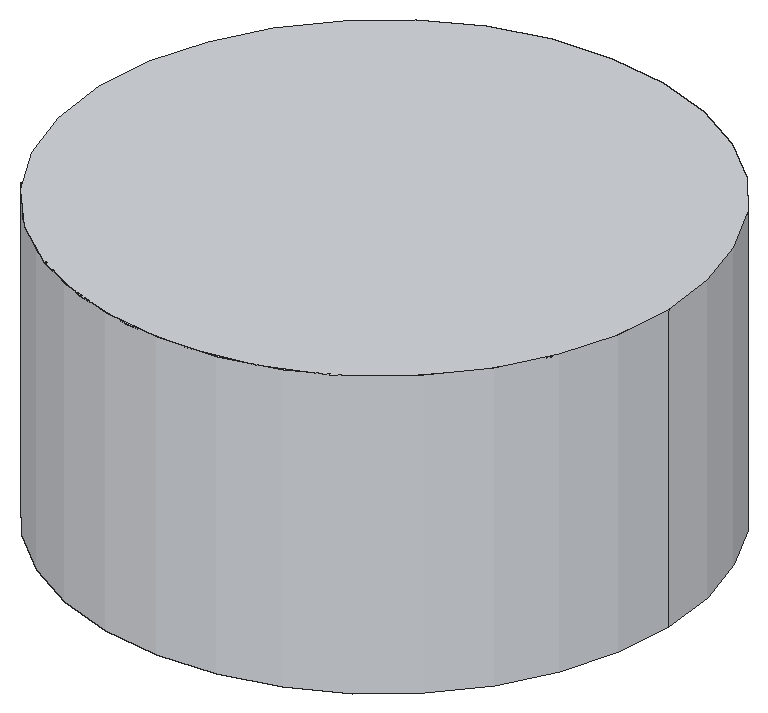
Revit family "10300800", category Specialty Equipment, Revit 2021
Family settings
  Round Connector Dimension = Use Diameter
  Part Type = Normal
  OmniClass Number = 23.40.40.14
  OmniClass Title = Food Service Equipment
  Work Plane-Based = No
  Always vertical = Yes
  Cut with Voids When Loaded = No
  Shared = No
  Room Calculation Point = No
Parameters (values of type "Standard")
  Width = 650 mm
  URL = "https://www.rustfriebergh.no/produkter/serveringsdisker/serveringsdisk-rbp/"
  Model = "10300800"
  Mass = 138 mm
  Manufacturer = "RUSTFRIE BERGH AS"
  Length = 802 mm
  Height = 1550 mm
  Description = "Serveringsdisk RBP-800"
  Default Elevation = 0 mm
Reference planes
  plane 1 "Center (Front/Back)": y = 0
  plane 2: z = 0
  plane 3 "Center (Left/Right)": x = 0
Forms (mm)
  Extrusion 1, solid
    sketch origin (145.461, 224, 191) x (1, 0, 0) y (0, 1, 0)
      loop
        circle (0, 0) r 3.048
    from 0 to -3.048
Dimensions and locks
  aligned and locked: level to plane 2
Connectors
  electrical at (145.461, 224, 191)
    settings: on Extrusion 1, index 1, voltage 230 V, apparent load 750 VA, apparent load phase1 0 VA, apparent load phase2 0 VA, apparent load phase3 0 VA, power factor 0, load classification "Other", number of poles 1, system type 30, power factor state 1, is connector primary yes, connector utility no, sub classification motor no, connector description "230V 50/60HZ 3,26A"
